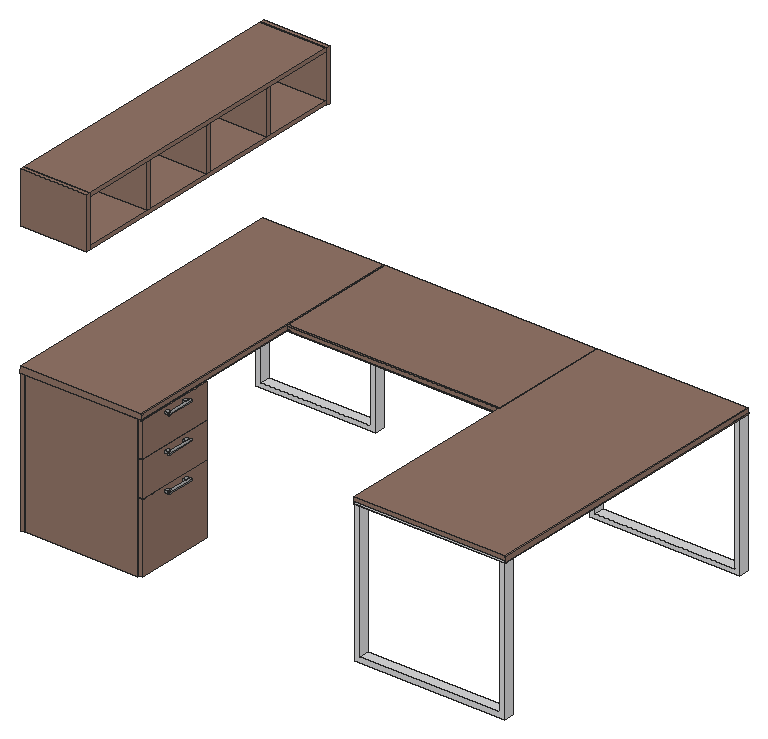
Revit family "JSI-Vision-Typical_Veneer-VSV116", category Furniture, Revit 2020
Family settings
  OmniClass Number = 23.40.20.00
  OmniClass Title = General Furniture and Specialties
  Work Plane-Based = No
  Always vertical = Yes
  Cut with Voids When Loaded = No
  Shared = No
  Room Calculation Point = No
Parameters (values of type "VSV116")
  URL = "www.jsifurniture.com"
  Type Comments = "Typical Veneer"  # constant formula
  Model = "VSV116"
  Manufacturer = "JSI"  # constant formula
  Keynote = "12500"
  Default Elevation = 0"
  Assembly Code = "E2020200"
Reference planes (in)
  plane 1 "Center Front/Back": y = 0
  plane 2: z = 0
  plane 3 "Center Left/Right": x = 0
Dimensions and locks (in)
  aligned and locked: level to plane 2
Nested families (in)
  nested 1: "JSI-Vision-Wall_Mount_Cubby" at (0, -60.125, -7.75575) x (0, 1, 0) z (0, 0, 1), type "VSV1060WCU, Veneer Wall Mount Cubby 10" x 60""
    with Overall Height 72", Verticall Partition Distance 14 13/16", Ver. Partition Start Distance 14 13/16", Unit Centre 30", Width 60", Overhead Height 0.072", Height 10.092", Depth 12.996", # of Vertical Partition 3
  nested 2: "JSI-Vision-Modular_Box_Box_File_Pedestal" at (0.1405, -60, 0) x (0, 1, 0) z (0, 0, 1), type "VSV1624MBBF, Veneer Modular BBF Ped"
    with Ped Width 15.996", Ped Height 27.996", Ped Depth 24"
  nested 3: "JSI-Vision-Credenza_Top" at (0, -60, 27.996) x (0, 1, 0) z (0, 0, 1), type "VSV2460MCT, Veneer Credenza Top, 24" x 60""
    with Height 0", Width 60", Depth 24"
  nested 4: "JSI-Vision-Rectangle_Desk_Top" at (66, -60, -2.004) x (0, 1, 0) z (0, 0, 1), type "VSV3060MCT, Veneer Rectangular Desk Top, 30" x 60""
    with Width 60"
  nested 5: "JSI-Vision_Modular_Bridge_Top" at (60.06413, -10.75, -0.8165), type "VSV4224MCT, Veneer 42 x 24 Modular Return/ Bridge Top"
    with Width 42", Depth 24"
  nested 6: "JSI-Vision-Metal_Rectangular_Base" at (95.90625, -59, 0) x (0, -1, 0) z (0, 0, 1), type "VSB3028FSQ, Metal Rectangular Base for Peninsula 28 5/16"H"
  nested 7: "JSI-Vision-Metal_Rectangular_Base" at (23.90625, -1, 0) x (0, 1, 0) z (0, 0, 1), type "VSB2428FSQ, Metal Rectangular Base for Peninsula 28 5/16"H"
  nested 8: "JSI-Vision-Metal_Rectangular_Base" at (96, -1, 0) x (0, 1, 0) z (0, 0, 1), type "VSB3028FSQ, Metal Rectangular Base for Peninsula 28 5/16"H"
  nested 9: "JSI-Vision-Modular_Full_Height_Back_Modular_Pedestal" at (0, -59.8765, 0) x (0, 1, 0) z (0, 0, 1), type "VSV1628MPBK, Modular Full Height Back Panel for Modular Pedestal- Veneer"
Definition of nested family "JSI-Vision-Wall_Mount_Cubby"
  Parameters (values of type "Type Catalog")
    Verticall Partition Distance = if(Width > 47", ((Width - 3/4" - 3/4" - (# of Vertical Partition * 3/4")) / (# of Vertical Partition + 1) + 3/4"), 0")  # 17 3/4"
    Ver. Partition Start Distance = if(Width < 48", (Unit Centre - 3/8"), Verticall Partition Distance)  # 17 3/4"
    Unit Centre = Width / 2  # 27"
    Width = 54"
    URL = "www.jsifurniture.com"
    Type Comments = ""
    Tag = "Open"
    Series = "Vision Casegoods"  # constant formula
    Overhead Height = 1/16"
    Overall Height [instance] = 72"
    Model = "Type Catalog"
    Material = ""
    Manufacturer = "JSI"  # constant formula
    Keynote = "12500"
    JSI Enviromental Website = "http://www.svxfurniture.com/svx_sustainability_intro.php"
    Height = 10"
    Description = "Type Catalog"
    Depth = 13"
    Default Elevation = 0"
    Chassis = none
    Assembly Code = "E2020200"
    # of Vertical Partition = if(Width > 89", 5, (if(Width > 77", 4, (if(Width > 59", 3, (if(Width > 47", 2, 2)))))))  # 2
  Reference planes (in)
    plane 1 "Center Front/Back": y = 0
    plane 2: z = 0
    plane 3 "Center Left/Right": x = 0
    plane 4: z = 0
    plane 5: y = -0.125
    plane 6: x = 54.25
    plane 7: x = 0.125
    plane 8: x = 54.125
    plane 9: y = -13.21875
    plane 10: z = 72
    plane 11: x = 0.875
    plane 12: x = 53.375
    plane 13: y = -0.9375
    plane 14: y = -1.6875
    plane 15: z = 71.1875
    plane 16: z = 61.9375
    plane 17: z = 62.6875
    plane 18: z = 61.90625
    plane 19: z = 66
    plane 20: z = 68.1875
    plane 21: z = 69
    plane 22: x = 1.5
    plane 23: x = 52.75
    plane 24: y = -13.125
    plane 25: x = 27.125
    plane 26: z = 71.9375
    plane 27: z = 71.90625
    plane 28: x = 17.875
    plane 29: x = 18.25
    plane 30: x = 18.625
    plane 31: x = 0.5
    plane 32: x = 53.75
  Forms (in)
    Extrusion 1, solid, material <- "Chassis"
      sketch origin (0, 0, 0) x (1, 0, 0) y (0, 1, 0)
        loop
          line (0.125, -0.125) -> (0.125, -13.21875) -> (0.875, -13.21875) -> (0.875, -0.125) -> (0.125, -0.125)
      from 61.90625 to 72
    Extrusion 2, solid, material <- "Chassis"
      sketch origin (0, 0, 0) x (1, 0, 0) y (0, 1, 0)
        loop
          line (54.125, -0.125) -> (53.375, -0.125) -> (53.375, -13.21875) -> (54.125, -13.21875) -> (54.125, -0.125)
      from 61.90625 to 72
    Extrusion 3, solid, material <- "Chassis"
      sketch origin (0, 0, 0) x (1, 0, 0) y (0, 0, 1)
        loop
          line (0.875, 71.9375) -> (0.875, 71.1875) -> (53.375, 71.1875) -> (53.375, 71.9375) -> (0.875, 71.9375)
      from 0.125 to 13.125
    Extrusion 4, solid, material <- "Chassis"
      sketch origin (0, 0, 0) x (1, 0, 0) y (0, 0, 1)
        loop
          line (0.875, 62.6875) -> (0.875, 61.9375) -> (53.375, 61.9375) -> (53.375, 62.6875) -> (0.875, 62.6875)
      from 1.6875 to 13.125
    Extrusion 5, solid, material <- "Chassis"
      sketch origin (130.61992, -0.9375, 48) x (1, 0, 0) y (0, 0, 1)
        loop
          line (-129.74492, 23.1875) -> (-129.74492, 13.9375) -> (-77.24492, 13.9375) -> (-77.24492, 23.1875) -> (-129.74492, 23.1875)
      from 0 to 0.75
    Extrusion 6, solid, material <- "Chassis"
      sketch origin (1.5, -180, 96) x (0, 0, 1) y (0, -1, 0)
        loop
          line (-24.8125, -179.875) -> (-24.8125, -179.0625) -> (-27, -179.0625) -> (-27.8125, -179.875) -> (-24.8125, -179.875)
      from -0.625 to 51.875
    Extrusion 7, solid, material <- "Chassis"
      sketch origin (1.5, -180, 96) x (0, 0, 1) y (0, -1, 0)
        loop
          line (-27, -179.0625) -> (-30, -179.0625) -> (-30, -179.875) -> (-27.8125, -179.875) -> (-27, -179.0625)
      from 0 to 51.25
    Extrusion 8, solid, material <- "Chassis"
      sketch origin (136.18242, -1.6875, 79.90625) x (1, 0, 0) y (0, 0, 1)
        loop
          line (-118.30742, -8.71875) -> (-118.30742, -17.21875) -> (-117.55742, -17.21875) -> (-117.55742, -8.71875) -> (-118.30742, -8.71875)
      from 0 to 11.4375
    Extrusion 9, solid, material <- "Chassis"
      sketch origin (153.93242, -1.6875, 79.90625) x (1, 0, 0) y (0, 0, 1)
        loop
          line (-118.30742, -8.71875) -> (-118.30742, -17.21875) -> (-117.55742, -17.21875) -> (-117.55742, -8.71875) -> (-118.30742, -8.71875)
      from 0 to 11.4375
  Lines and regions (in)
    symbolic lines
      curve 1: line (54.125, -0.125, 0) -> (0.125, -0.125, 0)
      curve 2: line (0.125, -0.125, 0) -> (0.125, -13.21875, 0)
      curve 3: line (54.125, -13.21875, 0) -> (54.125, -0.125, 0)
      curve 4: line (0.125, -13.21875, 0) -> (54.125, -13.21875, 0)
  Dimensions and locks (in)
    locked: plane 3 "Center Left/Right" to plane 7 at 0.125
    locked: plane 8 to plane 6 at 0.125
    locked: plane 5 to plane 1 "Center Front/Back" at 0.125
    locked: plane 7 to plane 11 at 0.75
    locked: plane 12 to plane 8 at 0.75
    plane 14 to plane 13 to plane 5 = 3/4" locked, 13/16" locked
    plane 10 to plane 26 to plane 15 = 1/16" locked, 3/4" locked
    plane 17 to plane 16 to plane 18 = 3/4" locked, 1/32" locked
    locked: plane 11 to plane 22 at 0.625
    locked: plane 23 to plane 12 at 0.625
    plane 15 to plane 21 to plane 20 to plane 19 = 2 3/16" locked, 13/16" locked, 2 3/16" locked
    locked: plane 9 to plane 24 at 0.09375
    "Depth": plane 24 to plane 5
    "Width": plane 7 to plane 8
    "Unit Centre": plane 7 to plane 25
    locked: plane 10 to plane 27 at 0.09375
    "Height": plane 27 to plane 18
    plane 28 to plane 29 to plane 30 = 3/8" locked, 3/8" locked
    locked: plane 7 to plane 31 at 0.375
    locked: plane 32 to plane 8 at 0.375
    group 1 to group 2 = 17 3/4"
    group 1 to group 2 = 0"  (x2)
    "Verticall Partition Distance": Extrusion 8 to Extrusion 9
    "Ver. Partition Start Distance": plane 11 to plane 30
    "Overall Height": plane 10 to level
    aligned and locked: level to plane 2
    aligned and locked: plane 5 to Extrusion 1 sketch curve
    aligned and locked: plane 7 to Extrusion 1 sketch curve
    aligned and locked: Extrusion 1 sketch curve to plane 11
    aligned and locked: Extrusion 2 sketch curve to plane 5
    aligned and locked: plane 8 to Extrusion 2 sketch curve
    aligned and locked: Extrusion 2 sketch curve to plane 12
    aligned and locked: plane 9 to Extrusion 1
    aligned and locked: plane 9 to Extrusion 2
    aligned and locked: Extrusion 4 sketch curve to plane 17
    aligned and locked: plane 11 to Extrusion 4 sketch curve
    aligned and locked: plane 16 to Extrusion 4 sketch curve
    aligned and locked: Extrusion 4 sketch curve to plane 12
    aligned and locked: Extrusion 4 to plane 14
    aligned and locked: Extrusion 1 to Extrusion 5 sketch curve
    aligned and locked: Extrusion 2 to Extrusion 5 sketch curve
    aligned and locked: Extrusion 1 to plane 18
    aligned and locked: Extrusion 2 to plane 18
    aligned and locked: plane 5 to Extrusion 6 sketch curve
    aligned and locked: Extrusion 6 sketch curve to plane 13
    aligned and locked: Extrusion 6 sketch curve to plane 15
    aligned and locked: plane 20 to Extrusion 6 sketch curve
    aligned and locked: plane 21 to Extrusion 6 sketch curve
    aligned and locked: Extrusion 6 to plane 11
    aligned and locked: plane 12 to Extrusion 6
    aligned and locked: Extrusion 7 sketch curve to Extrusion 6
    aligned and locked: Extrusion 7 sketch curve to plane 5
    aligned and locked: plane 13 to Extrusion 7 sketch curve
    aligned and locked: Extrusion 7 sketch curve to plane 19
    aligned and locked: plane 21 to Extrusion 7 sketch curve
    aligned and locked: plane 20 to Extrusion 7 sketch curve
    aligned and locked: Extrusion 7 to plane 22
    aligned and locked: plane 23 to Extrusion 7
    aligned and locked: plane 9 to nested 1
    aligned and locked: plane 10 to Extrusion 1
    aligned and locked: plane 10 to Extrusion 2
    aligned and locked: plane 26 to Extrusion 3
    aligned and locked: Extrusion 3 to plane 15
    aligned and locked: plane 24 to Extrusion 3
    aligned and locked: plane 24 to Extrusion 4
    aligned and locked: Extrusion 5 to plane 16
    aligned and locked: Extrusion 3 to plane 5
    aligned and locked: Extrusion 8 to plane 14
    aligned and locked: plane 24 to Extrusion 8
    aligned and locked: plane 30 to Extrusion 8
    aligned and locked: Extrusion 8 to plane 28
    aligned and locked: plane 15 to Extrusion 8
    aligned and locked: plane 15 to Extrusion 9
    aligned and locked: plane 25 to nested 1
  Automatic sketch dimensions
    Extrusion 3 sketch curve to plane 8 = 3/4"
    Extrusion 3 sketch curve to plane 15 = 0"
    plane 9 to Extrusion 2 sketch curve = 0"
    plane 9 to Extrusion 1 sketch curve = 0"
    curve 2 to plane 7 = 0"
    plane 5 to curve 3 = 0"
    curve 3 to plane 8 = 0"
    plane 9 to curve 4 = 0"
    plane 7 to Extrusion 3 sketch curve = 3/4"
    plane 15 to Extrusion 5 sketch curve = 0"
    Extrusion 3 sketch curve to plane 10 = 1/16"
    Extrusion 8 sketch curve to Extrusion 8 sketch curve = 3/4"
    Extrusion 8 sketch curve to Extrusion 8 sketch curve = 8 1/2"
    Extrusion 9 sketch curve to Extrusion 9 sketch curve = 3/4"
    Extrusion 9 sketch curve to Extrusion 9 sketch curve = 8 1/2"
    Extrusion 5 sketch curve to plane 16 = 0"
  Nested families (in)
    nested 1: "Label 1-16 OH" at (27.125, -13.21875, 0), type "OH DOORS"
  Definition of nested family "Label 1-16 OH"
    Parameters
      Width = 1"
      Model Name = "XX"
    Reference planes (in)
      plane 1: y = 0
      plane 2: x = 0
    Text (in)
      label "XX" at (0.00051, -0.12324, 0), shows "Model Name"
Definition of nested family "JSI-Vision-Modular_Box_Box_File_Pedestal"
  Parameters (values of type "Type Catalog")
    URL = "www.jsifurniture.com"
    Tag = "BBF"
    Series = "Vision Casegoods"  # constant formula
    Pull Finish = none
    Ped Width = 16"
    Ped Height = 28"
    Model = "Type Catalog"
    Manufacturer = "JSI"  # constant formula
    Keynote = "12500"
    JSI Enviromental website = "http://www.jsifurniture.com/jsi_sustainability_intro.php"
    Description = "Type Catalog"
    Default Elevation = 0"
    Chassis = none
    Ped Depth = 20"
    Grommet Finish = none
    Drawer Front = none
    Assembly Code = "E2020200"
  Reference planes (in)
    plane 1 "Center Front/Back": y = 0
    plane 2: z = 0
    plane 3 "Center Left/Right": x = 0
    plane 4: x = 0.125
    plane 5: x = 16.125
    plane 6: x = 16.25
    plane 7: y = -18.9795
    plane 8: y = -0.1875
    plane 9: y = -19.1095
    plane 10: x = 0.18716
    plane 11: x = 16.06243
    plane 12: y = -19.8595
    plane 13: z = 27.89082
    plane 14: z = 28
    plane 15: x = 0.875
    plane 16: x = 15.376
    plane 17: y = -0.9375
    plane 18: y = -18.23863
    plane 19: z = 27.1404
    plane 20: z = 26.5625
    plane 21: y = -3.9375
    plane 22: x = 8.125
    plane 23: y = -20
    plane 24: y = -9.80266
    plane 25: y = -14.80266
    plane 26: z = 27.1875
    plane 27: z = 21.04715
    plane 28: z = 20.92165
    plane 29: z = 20.1704
    plane 30: z = 14.0779
    plane 31: z = 13.9529
    plane 32: z = 13.2024
    plane 33: z = 0.1404
  Forms (in)
    Extrusion 1, solid, material <- "Chassis"
      sketch origin (0.125, -0.1875, 48) x (0, 1, 0) y (0, 0, 1)
        loop
          line (0, -20) -> (-2.2814, -20) -> (-18.792, -20) -> (-18.792, -48) -> (0, -48) -> (0, -20)
      from 0 to 0.75
    Extrusion 2, solid, material <- "Chassis"
      sketch origin (16.125, -0.1875, 48) x (0, 1, 0) y (0, 0, 1)
        loop
          line (0, -20) -> (-1.49541, -20) -> (-18.792, -20) -> (-18.792, -48) -> (0, -48) -> (0, -20)
      from -0.749 to 0
    Extrusion 3, solid, material <- "Drawer Front"
      sketch origin (0, 0, 0) x (1, 0, 0) y (0, 0, 1)
        loop
          line (0.18716, 27.89082) -> (0.18716, 21.04715) -> (16.06243, 21.04715) -> (16.06243, 27.89082) -> (0.18716, 27.89082)
        loop
          line (16.06243, 14.0779) -> (16.06243, 20.92165) -> (0.18716, 20.92165) -> (0.18716, 14.0779) -> (16.06243, 14.0779)
        loop
          line (0.18716, 13.9529) -> (0.18716, 0.1404) -> (16.06243, 0.1404) -> (16.06243, 13.9529) -> (0.18716, 13.9529)
      from 19.1095 to 19.8595
    Extrusion 4, solid, material <- "Chassis"
      sketch origin (0, 0, 0) x (1, 0, 0) y (0, 1, 0)
        loop
          line (0.875, -18.23863) -> (0.875, -18.9795) -> (15.376, -18.9795) -> (15.376, -18.23863) -> (0.875, -18.23863)
      from 0 to 1.9375
    Extrusion 5, solid, material <- "Chassis"
      sketch origin (0, 0, 0) x (0, 1, 0) y (0, 0, 1)
        loop
          line (-9.80266, 27.1875) -> (-9.80266, 27.89082) -> (-14.80266, 27.89082) -> (-14.80266, 27.1875) -> (-9.80266, 27.1875)
      from 0.875 to 15.376
    Extrusion 6, solid, material <- "Chassis"
      sketch origin (0, 0, 0) x (0, 1, 0) y (0, 0, 1)
        loop
          line (-0.1875, 28) -> (-0.9375, 28) -> (-0.9375, 23) -> (-0.1875, 23) -> (-0.1875, 28)
        loop
          line (-0.9375, 5) -> (-0.9375, 0) -> (-0.1875, 0) -> (-0.1875, 5) -> (-0.9375, 5)
      from 0.875 to 15.376
  Lines and regions (in)
    symbolic lines
      curve 1: line (0.125, -18.9795, 0) -> (0.125, -0.1875, 0)
      curve 2: line (16.125, -0.1875, 0) -> (16.125, -18.9795, 0)
      curve 3: line (0.18716, -19.1095, 0) -> (16.06243, -19.1095, 0)
      curve 4: line (0.18716, -19.8595, 0) -> (0.18716, -19.1095, 0)
      curve 5: line (16.06243, -19.8595, 0) -> (0.18716, -19.8595, 0)
      curve 6: line (16.06243, -19.1095, 0) -> (16.06243, -19.8595, 0)
      curve 7: line (0.875, -0.1875, 0) -> (0.875, -18.9795, 0)
      curve 8: line (0.125, -18.9795, 0) -> (0.875, -18.9795, 0)
      curve 9: line (15.376, -0.1875, 0) -> (15.376, -18.9795, 0)
      curve 10: line (15.376, -18.9795, 0) -> (16.125, -18.9795, 0)
      curve 11: line (0.125, -0.1875, 0) -> (16.125, -0.1875, 0)
      curve 12: line (0.875, -0.9375, 0) -> (15.376, -0.9375, 0)
  Dimensions and locks (in)
    plane 3 "Center Left/Right" to plane 4 = 1/8"
    locked: plane 5 to plane 6 at 0.125
    "Ped Width": plane 4 to plane 5
    locked: plane 1 "Center Front/Back" to plane 8 at 0.1875
    "Ped Height": plane 14 to level
    locked: plane 8 to plane 17 at 0.75
    plane 18 to plane 7 to plane 9 to plane 12 = 0.74087" locked, 0.13" locked, 3/4" locked
    plane 4 to plane 10 to plane 15 = 0.06216" locked, 0.68784" locked
    plane 16 to plane 11 to plane 5 = 0.68644" locked, 0.06257" locked
    locked: plane 14 to plane 20 at 1.4375
    locked: plane 1 "Center Front/Back" to plane 21 at 3.9375
    plane 3 "Center Left/Right" to plane 22 to plane 6 = 8 1/8", 8 1/8"
    "Ped Depth": plane 23 to plane 1 "Center Front/Back"
    locked: plane 12 to plane 23 at 0.1405
    plane 24 to plane 25 to plane 23 = 5" locked, 5.19734" locked
    locked: plane 14 to Extrusion 6 sketch curve at 5
    locked: Extrusion 6 sketch curve to plane 2 at 5
    plane 14 to plane 13 to plane 27 to plane 28 to plane 30 to plane 31 to plane 33 to plane 2 = 0.10918" locked, 6.84367" locked, 0.1255" locked, 6 27/32" locked, 1/8" locked, 13 13/16", 0.1404" locked
    plane 19 to plane 29 to plane 32 to plane 2 = 6.97" locked, 6.968" locked, 13.2024" locked
    aligned and locked: level to plane 2
    aligned and locked: Extrusion 1 sketch curve to plane 7
    aligned and locked: Extrusion 1 sketch curve to level
    aligned and locked: Extrusion 2 sketch curve to plane 14
    aligned and locked: level to Extrusion 2 sketch curve
    aligned and locked: plane 7 to Extrusion 2 sketch curve
    aligned and locked: Extrusion 3 sketch curve to plane 13
    aligned and locked: Extrusion 3 sketch curve to plane 10  (x2)
    aligned and locked: plane 11 to Extrusion 3 sketch curve  (x2)
    aligned and locked: Extrusion 3 to plane 12
    aligned and locked: plane 9 to Extrusion 3
    aligned and locked: Extrusion 4 sketch curve to plane 18
    aligned and locked: plane 15 to Extrusion 4 sketch curve
    aligned and locked: nested 1 to plane 12
    aligned and locked: nested 2 to plane 12
    aligned and locked: plane 19 to nested 2
    aligned and locked: plane 24 to Extrusion 5 sketch curve
    aligned and locked: Extrusion 5 sketch curve to plane 26
    aligned and locked: Extrusion 5 sketch curve to plane 25
    aligned and locked: plane 13 to Extrusion 5 sketch curve
    aligned and locked: Extrusion 5 to plane 15
    aligned and locked: plane 16 to Extrusion 5
    aligned and locked: nested 3 to plane 22
    aligned and locked: nested 3 to plane 23
    aligned and locked: nested 2 to plane 22
    aligned and locked: nested 1 to plane 22
    aligned and locked: Extrusion 3 sketch curve to Extrusion 3 sketch curve  (x2)
    aligned and locked: nested 4 to plane 22
    aligned and locked: nested 4 to plane 12
    aligned and locked: Extrusion 3 to plane 28
    aligned and locked: plane 27 to Extrusion 3
    aligned and locked: Extrusion 3 to plane 31
    aligned and locked: plane 30 to Extrusion 3
    aligned and locked: plane 8 to Extrusion 1
    aligned and locked: plane 8 to Extrusion 2
    aligned and locked: curve 7 to Extrusion 1
    aligned and locked: plane 8 to curve 9
    aligned and locked: Extrusion 2 to plane 16
    aligned and locked: plane 8 to Extrusion 6 sketch curve
    aligned and locked: Extrusion 6 sketch curve to plane 17
    aligned and locked: Extrusion 6 sketch curve to plane 2
    aligned and locked: Extrusion 6 sketch curve to plane 8
    aligned and locked: plane 17 to Extrusion 6 sketch curve
    aligned and locked: Extrusion 6 sketch curve to plane 14
    aligned and locked: Extrusion 6 to plane 15
    aligned and locked: plane 16 to Extrusion 6
    aligned and locked: plane 4 to curve 11
    aligned and locked: plane 5 to curve 11
    aligned and locked: curve 11 to plane 8
    aligned and locked: plane 15 to curve 12
    aligned and locked: plane 16 to curve 12
    aligned and locked: curve 12 to plane 17
    aligned and locked: plane 33 to Extrusion 3
  Automatic sketch dimensions
    Extrusion 3 sketch curve to plane 19 = 6 7/32"
    Extrusion 3 sketch curve to Extrusion 3 sketch curve = 0.1255"
    Extrusion 1 sketch curve to plane 14 = 0"
    Extrusion 1 sketch curve to Extrusion 1 sketch curve = 2.2814"
    Extrusion 2 sketch curve to plane 17 = 0.74541"
    Extrusion 3 sketch curve to Extrusion 3 sketch curve = 1/8"
    Extrusion 3 sketch curve to Extrusion 3 sketch curve = 6 31/32"
    level to Extrusion 3 sketch curve = 0.1404"
    plane 17 to Extrusion 1 sketch curve = 3/4"
    Extrusion 4 sketch curve to plane 7 = 0"
    Extrusion 4 sketch curve to plane 16 = 0"
    plane 17 to Extrusion 2 sketch curve = 3/4"
    curve 3 to plane 9 = 0"
    curve 3 to plane 10 = 0"
    curve 10 to plane 7 = 0"
    curve 5 to plane 11 = 0"
    curve 4 to plane 12 = 0"
    curve 1 to plane 7 = 0"
  Nested families (in)
    nested 1: "Bar Pull" at (8.125, -19.8595, 13.2024), Pull Finish <- "Pull Finish", type "PL"
      with Pull Finish none
    nested 2: "Bar Pull" at (8.125, -19.8595, 27.1404), Pull Finish <- "Pull Finish", type "PL"
      with Pull Finish none
    nested 3: "Label 1-16" at (8.125, -20, 0), type "DRWCFG"
    nested 4: "Bar Pull" at (8.125, -19.8595, 20.1704), Pull Finish <- "Pull Finish", type "PL"
      with Pull Finish none
  Definition of nested family "Bar Pull"
    Parameters
      Pull Finish [instance] = none
      Default Elevation = 0"
    Reference planes (in)
      plane 1 "Center Front/Back": y = 0
      plane 2: z = 0
      plane 3 "Center Left/Right": x = 0
      plane 4: x = -2.68731
      plane 5: x = -1.88731
      plane 6: x = 2.68731
      plane 7: x = 1.88731
      plane 8: y = -1
      plane 9: y = -0.85202
    Forms (in)
      Extrusion 1, solid, material <- "Pull Finish"
        sketch origin (0, 0, 0) x (0, 1, 0) y (0, 0, 1)
          loop
            line (0, -0.2015) -> (0, 0.2015) -> (-0.85202, 0.2015)
            arc (-0.85202, 0.2015) -> (-0.75, 0) -> (-0.85202, -0.2015) r 0.25
            line (-0.85202, -0.2015) -> (0, -0.2015)
        from 1.88731 to 2.68731
      Extrusion 2, solid, material <- "Pull Finish"
        sketch origin (0, 0, 0) x (0, 1, 0) y (0, 0, 1)
          loop
            circle (-1, 0) r 0.25
        from -2.68731 to 2.68731
      Extrusion 3, solid, material <- "Pull Finish"
        sketch origin (0, 0, 0) x (0, 1, 0) y (0, 0, -1)
          loop
            line (0, 0.2015) -> (-0.85202, 0.2015)
            arc (-0.85202, 0.2015) -> (-0.75, 0) -> (-0.85202, -0.2015) r 0.25
            line (-0.85202, -0.2015) -> (0, -0.2015) -> (0, 0.2015)
        from 1.88731 to 2.68731
    Dimensions and locks (in)
      plane 4 to plane 5 to plane 3 "Center Left/Right" to plane 7 to plane 6 = 0.8" locked, 1.88731" locked, 1.88731" locked, 0.8" locked
      plane 8 to plane 9 to plane 1 "Center Front/Back" = 0.14798" locked, 0.85202" locked
      aligned and locked: level to plane 2
      aligned and locked: plane 4 to Extrusion 3
      aligned and locked: Extrusion 3 to plane 5
      aligned and locked: plane 4 to Extrusion 2
      aligned and locked: Extrusion 1 to plane 7
      aligned and locked: plane 6 to Extrusion 1
      aligned and locked: plane 6 to Extrusion 2
      aligned and locked: plane 8 to Extrusion 2 sketch curve
      aligned and locked: Extrusion 3 to plane 1 "Center Front/Back"
      aligned and locked: Extrusion 1 to plane 1 "Center Front/Back"
      aligned and locked: plane 5 to Extrusion 3
      aligned and locked: Extrusion 3 to plane 4
      aligned and locked: Extrusion 2 to plane 4
      aligned and locked: plane 7 to Extrusion 1
      aligned and locked: Extrusion 1 to plane 6
      aligned and locked: Extrusion 2 to plane 6
  Definition of nested family "Label 1-16"
    Parameters
      Width = 1"
      Model Name = "2 Drw - 2 Drs"
    Reference planes (in)
      plane 1: y = 0
      plane 2: x = 0
    Text (in)
      label "XX" at (0.00051, -0.12324, 0), shows "Model Name"
Definition of nested family "JSI-Vision-Credenza_Top"
  Parameters (values of type "Type Catalog")
    Worksurface = none
    Width = 30"
    URL = "www.jsifurniture.com"
    Type Comments = ""
    Series = "Vision Casegoods"  # constant formula
    Model = "Type Catalog"
    Material = ""
    Manufacturer = "JSI"  # constant formula
    Keynote = "12500"
    JSI Enviromental Website = "http://www.jsifurniture.com/jsi_sustainability_intro.php"
    Height [instance] = 0"
    Description = "Type Catalog"
    Depth = 20"
    Default Elevation = 0"
    Assembly Code = "E2020200"
  Reference planes (in)
    plane 1 "Center Front/Back": y = 0
    plane 2: z = 0
    plane 3 "Center Left/Right": x = 0
    plane 4: z = 0
    plane 5: x = 30
    plane 6: y = -20
    plane 7: z = 1.1875
    plane 8: z = 0
  Forms (in)
    Extrusion 1, solid, material <- "Worksurface"
      sketch origin (0, 0, 28) x (0, 1, 0) y (0, 0, 1)
        loop
          line (-19.88189, -28) -> (0, -28) -> (0, -26.8125) -> (-19.88189, -26.8125)
          arc (-19.88189, -26.8125) -> (-19.96541, -26.84709) -> (-20, -26.93061) r 0.11811
          line (-20, -26.93061) -> (-20, -27.88189)
          arc (-20, -27.88189) -> (-19.96541, -27.96541) -> (-19.88189, -28) r 0.11811
      from 0 to 30
  Lines and regions (in)
    symbolic lines
      curve 1: line (0, 0, 0) -> (30, 0, 0)
      curve 2: line (0, -20, 0) -> (0, 0, 0)
      curve 3: line (30, -20, 0) -> (0, -20, 0)
      curve 4: line (30, 0, 0) -> (30, -20, 0)
  Dimensions and locks (in)
    "Depth": plane 6 to plane 1 "Center Front/Back"
    "Width": plane 5 to plane 3 "Center Left/Right"
    locked: plane 7 to plane 8 at 1.1875
    "Height": plane 8 to level
    aligned and locked: level to plane 2
    aligned and locked: plane 5 to Extrusion 1
    aligned and locked: curve 1 to Extrusion 1
    aligned and locked: curve 2 to Extrusion 1
    aligned and locked: plane 6 to curve 3
    aligned and locked: curve 4 to plane 5
    aligned and locked: Extrusion 1 to plane 8
    aligned and locked: plane 7 to Extrusion 1
  Automatic sketch dimensions
    Extrusion 1 sketch curve to plane 6 = 0"
    level to Extrusion 1 sketch curve = 0"
    Extrusion 1 sketch curve to plane 7 = 0"
    Extrusion 1 sketch curve to plane 1 "Center Front/Back" = 0"
    Extrusion 1 sketch curve to Extrusion 1 sketch curve = 0.11811"
    plane 6 to Extrusion 1 sketch curve = 0.11811"
Definition of nested family "JSI-Vision-Rectangle_Desk_Top"
  Parameters (values of type "Type Catalog")
    Worksurface = none
    Width = 42"
    URL = "www.jsifurniture.com"
    Type Comments = ""
    Series = "Vision Casegoods"  # constant formula
    Model = "Type Catalog"
    Material = ""
    Manufacturer = "JSI"  # constant formula
    Keynote = "12500"
    JSI Enviromental Website = "http://www.jsifurniture.com/jsi_sustainability_intro.php"
    Height = 30"
    Description = "Type Catalog"
    Depth = 30"
    Default Elevation = 0"
    Assembly Code = "E2020200"
  Reference planes (in)
    plane 1 "Center Front/Back": y = 0
    plane 2: z = 0
    plane 3 "Center Left/Right": x = 0
    plane 4: z = 0
    plane 5: x = 42
    plane 6: y = -30
    plane 7: z = 31.1875
    plane 8: z = 30
  Forms (in)
    Extrusion 1, solid, material <- "Worksurface"
      sketch origin (0, 0, 28) x (0, 1, 0) y (0, 0, 1)
        loop
          line (-29.88189, 2) -> (0, 2) -> (0, 3.1875) -> (-29.88189, 3.1875)
          arc (-29.88189, 3.1875) -> (-29.96541, 3.15291) -> (-30, 3.06939) r 0.11811
          line (-30, 3.06939) -> (-30, 2.11811)
          arc (-30, 2.11811) -> (-29.96541, 2.03459) -> (-29.88189, 2) r 0.11811
      from 0 to 42
  Lines and regions (in)
    symbolic lines
      curve 1: line (0, 0, 0) -> (42, 0, 0)
      curve 2: line (0, -30, 0) -> (0, 0, 0)
      curve 3: line (42, -30, 0) -> (0, -30, 0)
      curve 4: line (42, 0, 0) -> (42, -30, 0)
  Dimensions and locks (in)
    "Depth": plane 6 to plane 1 "Center Front/Back"
    "Width": plane 5 to plane 3 "Center Left/Right"
    locked: plane 7 to plane 8 at 1.1875
    "Height": plane 8 to level
    aligned and locked: level to plane 2
    aligned and locked: plane 5 to Extrusion 1
    aligned and locked: curve 1 to Extrusion 1
    aligned and locked: curve 2 to Extrusion 1
    aligned and locked: plane 6 to curve 3
    aligned and locked: curve 4 to plane 5
    aligned and locked: Extrusion 1 to plane 8
    aligned and locked: Extrusion 1 to plane 7
  Automatic sketch dimensions
    Extrusion 1 sketch curve to plane 6 = 0"
    level to Extrusion 1 sketch curve = 30"
    Extrusion 1 sketch curve to plane 7 = 0"
    Extrusion 1 sketch curve to plane 1 "Center Front/Back" = 0"
    Extrusion 1 sketch curve to Extrusion 1 sketch curve = 0.11811"
    plane 6 to Extrusion 1 sketch curve = 0.11811"
Definition of nested family "JSI-Vision_Modular_Bridge_Top"
  Parameters (values of type "Type Catalog")
    Worksurface = none
    Width = 36"
    URL = "www.jsifurniture.com"
    Type Comments = ""
    Series = "Vision Casegoods"  # constant formula
    Model = "Type Catalog"
    Material = ""
    Manufacturer = "JSI"  # constant formula
    Keynote = "12500"
    JSI Enviromental Website = "http://www.jsifurniture.com/jsi_sustainability_intro.php"
    Height = 30"
    Grommet Finish = none
    Description = "Type Catalog"
    Depth = 20"
    Default Elevation = 0"
    Assembly Code = "E2020200"
  Reference planes (in)
    plane 1: z = 0
    plane 2 "Center (Left/Right)": x = -36.06413
    plane 3: z = 30
    plane 4: z = 28.8125
    plane 5: y = -9.25
    plane 6 "Center (Front/Back)": y = 10.75
    plane 7: x = -18.06413
    plane 8: x = -0.06413
    plane 9: y = 7.8125
  Forms (in)
    Extrusion 1, solid, material <- "Worksurface"
      sketch origin (-36.06413, 0, 0) x (0, 1, 0) y (0, 0, 1)
        loop
          line (10.75, 28.8125) -> (10.75, 30) -> (-9.125, 30)
          arc (-9.125, 30) -> (-9.21339, 29.96339) -> (-9.25, 29.875) r 0.125
          line (-9.25, 29.875) -> (-9.25, 28.9375)
          arc (-9.25, 28.9375) -> (-9.21339, 28.84911) -> (-9.125, 28.8125) r 0.125
          line (-9.125, 28.8125) -> (10.75, 28.8125)
      from 0 to 36
  Lines and regions (in)
    symbolic lines
      curve 1: line (-36.06413, 10.75, 0) -> (-36.06413, -9.25, 0)
      curve 2: line (-0.06413, 10.75, 0) -> (-36.06413, 10.75, 0)
      curve 3: line (-0.06413, -9.25, 0) -> (-0.06413, 10.75, 0)
      curve 4: line (-36.06413, -9.25, 0) -> (-0.06413, -9.25, 0)
  Dimensions and locks (in)
    "Height": plane 3 to level
    locked: plane 3 to plane 4 at 1.1875
    equal spacing: plane 2 "Center (Left/Right)", plane 7, plane 8
    "Width": plane 2 "Center (Left/Right)" to plane 8
    "Depth": plane 5 to plane 6 "Center (Front/Back)"
    locked: plane 6 "Center (Front/Back)" to plane 9 at 2.9375
    aligned and locked: level to plane 1
    aligned and locked: Extrusion 1 to plane 8
    aligned and locked: curve 1 to Extrusion 1
    aligned and locked: curve 2 to Extrusion 1
    aligned and locked: curve 3 to Extrusion 1
    aligned and locked: curve 4 to plane 5
  Automatic sketch dimensions
    Extrusion 1 sketch curve to plane 5 = 0"
    Extrusion 1 sketch curve to plane 3 = 0"
    Extrusion 1 sketch curve to plane 4 = 0"
    Extrusion 1 sketch curve to plane 6 "Center (Front/Back)" = 0"
    Extrusion 1 sketch curve to Extrusion 1 sketch curve = 1/8"
    plane 5 to Extrusion 1 sketch curve = 1/8"
    curve 1 to plane 2 "Center (Left/Right)" = 0"
    plane 6 "Center (Front/Back)" to curve 3 = 0"
    curve 4 to plane 8 = 0"
Definition of nested family "JSI-Vision-Metal_Rectangular_Base"
  Parameters (values of type "VSB2428FSQ, Metal Rectangular Base for Peninsula 28 5/16"H")
    Width = 23 13/16"
    URL = "www.jsifurniture.com"
    Type Comments = ""
    Series = "Vision Casegoods"  # constant formula
    Model = "VSB2428FSQ"
    Manufacturer = "JSI"  # constant formula
    Keynote = "12500"  # constant formula
    JSI Enviromental Website = "http://www.jsifurniture.com/jsi_sustainability_intro.php"
    Height = 28 5/16"
    Glide Finish = none
    Depth = 2"
    Default Elevation = 0"
    Base Finish = none
    Description = "Metal Rectangular Base for Peninsula 23 13/16\"W x 2\"D x 28 5/16\"H"
    Assembly Code = "E2020200"
  Types (2): name | Width | Model | Description
    VSB3028FSQ, Metal Rectangular Base for Peninsula 28 5/16"H | 29 13/16" | "VSB3028FSQ" | "Metal Rectangular Base for Peninsula 29 13/16\"W x 2\"D x 28 5/16\"H"
    VSB2428FSQ, Metal Rectangular Base for Peninsula 28 5/16"H | 23 13/16" | "VSB2428FSQ" | "Metal Rectangular Base for Peninsula 23 13/16\"W x 2\"D x 28 5/16\"H"
  Reference planes (in)
    plane 1 "Center Front/Back": y = 0
    plane 2: z = 0
    plane 3 "Center Left/Right": x = 0
    plane 4: z = 0
    plane 5: z = 28.3125
    plane 6: x = -3
    plane 7: x = -1
    plane 8: y = -23.8125
    plane 9: x = 1
    plane 10: z = 28.0625
    plane 11: y = -2
    plane 12: y = -21.8125
  Forms (in)
    Sweep 1, solid, material <- "Base Finish"
      path origin (0, 0, 0) x (0, 1, 0) y (0, 0, 1)
        loop
          line (-23.8125, 28.0625) -> (-23.8125, 0.25) -> (0, 0.25) -> (0, 28.0625)
      profile origin (0, -23.8125, 14.15625) x (1, 0, 0) y (0, 1, 0)
        loop
          line (-1, 1) -> (-1, 0) -> (1, 0) -> (1, 1) -> (-1, 1)
    Extrusion 2, solid, material <- "Base Finish"
      sketch origin (0, 0, 0) x (1, 0, 0) y (0, 1, 0)
        loop
          line (-3, 0) -> (-3, -23.8125) -> (1, -23.8125) -> (1, 0) -> (-3, 0)
      from 28.3125 to 28.0625
    Revolve 3, solid, material <- "Glide Finish"
      sketch origin (0, 0, 0) x (0, 1, 0) y (0, 0, 1)
        loop
          line (-2, 0.75) -> (-2, 0) -> (-1.76145, 0)
          arc (-1.76145, 0) -> (-1.7185, 0.01649) -> (-1.69761, 0.05748) r 0.06418
          line (-1.69761, 0.05748) -> (-1.67738, 0.25) -> (-1.90202, 0.25) -> (-1.90202, 0.75) -> (-2, 0.75)
        axis (-2, 0.75) -> (-2, 0)
      angle from 0 to 360
    Revolve 4, solid, material <- "Glide Finish"
      sketch origin (0, 0, 0) x (0, 1, 0) y (0, 0, 1)
        loop
          line (-21.8125, 0.75) -> (-21.8125, 0) -> (-21.57395, 0)
          arc (-21.57395, 0) -> (-21.531, 0.01649) -> (-21.51011, 0.05748) r 0.06418
          line (-21.51011, 0.05748) -> (-21.48988, 0.25) -> (-21.71452, 0.25) -> (-21.71452, 0.75) -> (-21.8125, 0.75)
        axis (-21.8125, 0.75) -> (-21.8125, 0)
      angle from 0 to 360
  Lines and regions (in)
    symbolic lines
      curve 1: line (-3, 0, 0) -> (-3, -23.8125, 0)
      curve 2: line (-3, -23.8125, 0) -> (1, -23.8125, 0)
      curve 3: line (1, -23.8125, 0) -> (1, 0, 0)
      curve 4: line (1, 0, 0) -> (-3, 0, 0)
      curve 5: line (-1, 0, 0) -> (-1, -23.8125, 0)
  Dimensions and locks (in)
    equal spacing: plane 7, plane 3 "Center Left/Right", plane 9, locked at 1 each
    "Width": plane 1 "Center Front/Back" to plane 8
    "Height": plane 5 to plane 4
    locked: plane 10 to plane 5 at 0.25
    locked: Sweep 1 sketch curve to plane 4 at 0.25
    locked: plane 8 to Sweep 1 sketch curve at 1
    locked: plane 1 "Center Front/Back" to plane 11 at 2
    locked: plane 12 to plane 8 at 2
    Revolve 3 sketch curve to Revolve 3 sketch curve to Revolve 3 sketch curve to plane 4 = 1/2" locked, 0.18582" locked, 0.06418" locked
    plane 11 to Revolve 3 sketch curve to Revolve 3 sketch curve to Revolve 3 sketch curve = 0.09798" locked, 0.14057" locked, 0.08407" locked
    Revolve 4 sketch curve to Revolve 4 sketch curve to Revolve 4 sketch curve = 1/2" locked, 0.18582" locked
    Revolve 4 sketch curve to Revolve 4 sketch curve to Revolve 4 sketch curve to Revolve 4 sketch curve = 0.09798" locked, 0.14057" locked, 0.08407" locked
    "Depth": plane 7 to plane 9
    locked: plane 6 to plane 7 at 2
    aligned and locked: level to plane 2
    aligned and locked: plane 10 to Sweep 1 sketch curve  (x2)
    aligned and locked: plane 9 to Sweep 1 sketch curve
    aligned and locked: plane 8 to Sweep 1 sketch curve
    aligned and locked: Extrusion 2 sketch curve to plane 1 "Center Front/Back"
    aligned and locked: Extrusion 2 sketch curve to plane 8
    aligned and locked: Extrusion 2 sketch curve to plane 9
    aligned and locked: Revolve 3 sketch curve to plane 11
    aligned and locked: plane 11 to Revolve 3 sketch curve
    aligned and locked: plane 12 to Revolve 4 sketch curve  (x2)
    aligned and locked: plane 3 "Center Left/Right" to Revolve 3
    aligned and locked: plane 3 "Center Left/Right" to Revolve 4
    aligned and locked: Sweep 1 sketch curve to plane 7
    aligned and locked: plane 6 to Extrusion 2
    aligned and locked: Extrusion 2 to plane 9
    aligned and locked: curve 1 to Extrusion 2
    aligned and locked: curve 2 to Extrusion 2
    aligned and locked: curve 3 to Extrusion 2
    aligned and locked: curve 4 to Extrusion 2
    aligned and locked: curve 5 to Sweep 1
  Automatic sketch dimensions
    Sweep 1 sketch curve to plane 8 = 0"
    Sweep 1 sketch curve to plane 1 "Center Front/Back" = 0"
    Extrusion 2 sketch curve to plane 8 = 0"
    Revolve 3 sketch curve to level = 0"
    level to Revolve 3 sketch curve = 0.05748"
    Revolve 3 sketch curve to level = 0.22225"
    Revolve 3 sketch curve to Revolve 3 sketch curve = 0.09538"
    Revolve 4 sketch curve to level = 0"
    level to Revolve 4 sketch curve = 0.05748"
    Revolve 4 sketch curve to Revolve 4 sketch curve = 0.06383"
    Revolve 4 sketch curve to level = 0.22225"
    Revolve 4 sketch curve to Revolve 4 sketch curve = 0.09538"
    plane 7 to Extrusion 2 sketch curve = 2"
Definition of nested family "JSI-Vision-Modular_Full_Height_Back_Modular_Pedestal"
  Parameters (values of type "VSV1628MPBK, Modular Full Height Back Panel for Modular Pedestal- Veneer")
    Panel Finish = none
    Width = 16"
    URL = "www.jsifurniture.com"
    Type Comments = ""
    Series = "Vision Casegoods"  # constant formula
    Model = "VSV1628MPBK"
    Material = ""
    Manufacturer = "JSI"  # constant formula
    Keynote = "12500"  # constant formula
    JSI Enviromental Website = "http://www.jsifurniture.com/jsi_sustainability_intro.php"
    Height = 28"
    Description = "Modular Full Height Back Panel for Modular Pedestal- Veneer"
    Depth = 3/4"
    Default Elevation = 0"
    Assembly Code = "E2020200"
  Types (4): name | Width | Model | Description
    VST1628MPBK, Modular Full Height Back Panel for Modular Pedestal- Laminate | 16" | "VST1628MPBK" | "Modular Full Height Back Panel for Modular Pedestal- Laminate"
    VST3628MPBK, Modular Full Height Back Panel for Modular Pedestal- Laminate | 35 7/8" | "VST3628MPBK" | "Modular Full Height Back Panel for Modular Pedestal- Laminate"
    VSV1628MPBK, Modular Full Height Back Panel for Modular Pedestal- Veneer | 16" | "VSV1628MPBK" | "Modular Full Height Back Panel for Modular Pedestal- Veneer"
    VSV3628MPBK, Modular Full Height Back Panel for Modular Pedestal- Veneer | 35 7/8" | "VSV3628MPBK" | "Modular Full Height Back Panel for Modular Pedestal- Veneer"
  Reference planes (in)
    plane 1 "Center Front/Back": y = 0
    plane 2: z = 0
    plane 3 "Center Left/Right": x = 0
    plane 4: z = 28
    plane 5: x = 16
    plane 6: y = -0.75
  Forms (in)
    Extrusion 1, solid, material <- "Panel Finish"
      sketch origin (0, 0, 0) x (1, 0, 0) y (0, 1, 0)
        loop
          line (0, 0) -> (0, -0.75) -> (16, -0.75) -> (16, 0) -> (0, 0)
      from 0 to 28
  Lines and regions (in)
    symbolic lines
      curve 1: line (0, 0, 0) -> (16, 0, 0)
      curve 2: line (0, -0.75, 0) -> (0, 0, 0)
      curve 3: line (16, -0.75, 0) -> (0, -0.75, 0)
      curve 4: line (16, 0, 0) -> (16, -0.75, 0)
  Dimensions and locks (in)
    "Width": plane 3 "Center Left/Right" to plane 5
    "Depth": plane 1 "Center Front/Back" to plane 6
    "Height": plane 4 to plane 2
    aligned and locked: level to plane 2
    aligned and locked: plane 3 "Center Left/Right" to Extrusion 1 sketch curve
    aligned and locked: Extrusion 1 sketch curve to plane 5
    aligned and locked: plane 6 to Extrusion 1 sketch curve
    aligned and locked: plane 1 "Center Front/Back" to Extrusion 1 sketch curve
    aligned and locked: plane 4 to Extrusion 1
    aligned and locked: plane 3 "Center Left/Right" to curve 2
    aligned and locked: curve 4 to plane 5
    aligned and locked: plane 1 "Center Front/Back" to curve 1
    aligned and locked: plane 6 to curve 3
